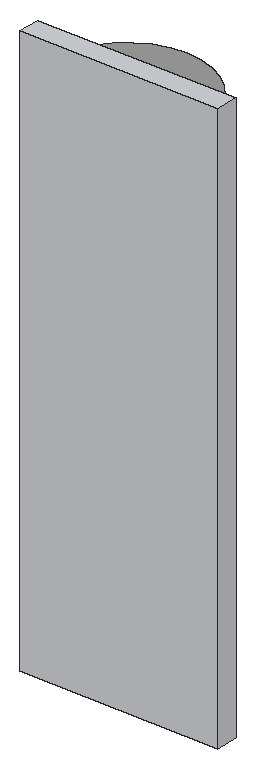
Revit family "7612", category Lighting Fixtures, Revit 2016
Family settings
  Part Type = Normal
  Round Connector Dimension = Use Diameter
  OmniClass Number = 23.80.70.00
  OmniClass Title = Lighting
  Work Plane-Based = No
  Always vertical = Yes
  Cut with Voids When Loaded = No
  Light Source = Yes
  Shared = No
  Room Calculation Point = No
Parameters
  Wattage = 12.1178 W
  built-in parameter 1150110 = 1 (stored number, unit not read)
  built-in parameter 1114217 = 1 (stored number, unit not read)
  built-in parameter 1150109 = 1 (stored number, unit not read)
  built-in parameter 1150134 = (empty or 0)
  built-in parameter 1150113 = 1 (stored number, unit not read)
  Lumens = 1800 lm
  built-in parameter 1150115 = 1 (stored number, unit not read)
  built-in parameter 1150105 = 143.24 (stored number, unit not read)
  Light Source Symbol Size = 2' - 0"
  built-in parameter 1150137 = (empty or 0)
  built-in parameter 1150139 = (empty or 0)
  built-in parameter 1150112 = 1 (stored number, unit not read)
  built-in parameter 1150114 = 1 (stored number, unit not read)
  built-in parameter 1150132 = 2
  built-in parameter 1150102 = (empty or 0)
  built-in parameter 1150138 = (empty or 0)
  built-in parameter 1150107 = 3000 (stored number, unit not read)
  built-in parameter 1150106 = 1.4324 (stored number, unit not read)
  built-in parameter 1150104 = 13.8 (stored number, unit not read)
  Dimming Lamp Color Temperature Shift = (empty or 0)
  Color Filter = 16777215
  built-in parameter 1114218 = 1 (stored number, unit not read)
  built-in parameter 1150133 = 10 (stored number, unit not read)
Reference planes (in)
  plane 1 "Light Source Axis (F/B)": y = 0
  plane 2: z = 0
  plane 3 "Light Source Axis (L/R)": x = 0
  plane 4 "Light Source Elevation": z = 54
  plane 5: z = 1
  plane 6: z = 6
Forms (in)
  Extrusion 1, solid
    sketch origin (0, 0, 0) x (1, 0, 0) y (0, 1, 0)
      loop
        line (-4.5, 0.01522) -> (4.5, 0.01522) -> (4.5, 1.01522) -> (-4.5, 1.01522) -> (-4.5, 0.01522)
    from 0 to 26
  Extrusion 2, solid, material "Default"
    sketch origin (-4.5, -180, 1) x (-1, 0, 0) y (0, -1, 0)
      loop
        arc (-8, -181.01522) -> (-4.5, -183.86267) -> (-1, -181.01522) r 3.57477
        line (-1, -181.01522) -> (-8, -181.01522)
    from 0 to 24
  Extrusion 3, solid
    sketch origin (0, 0.01522, 6) x (-1, 0, 0) y (0, 1, 0)
      loop
        line (3.5, 1) -> (3.6, 1)
        arc (3.6, 1) -> (0, 3.91435) -> (-3.6, 1) r 3.68065
        line (-3.6, 1) -> (-3.5, 1)
        arc (-3.5, 1) -> (0, 3.84744) -> (3.5, 1) r 3.57477
    from 0 to 1.5
  Extrusion 4, solid
    sketch origin (0, 0.01522, 20) x (0, -1, 0) y (1, 0, 0)
      loop
        arc (-1, -3.5) -> (-3.84744, 0) -> (-1, 3.5) r 3.57477
        line (-1, 3.5) -> (-1, 3.6)
        arc (-1, 3.6) -> (-3.91435, 0) -> (-1, -3.6) r 3.68065
        line (-1, -3.6) -> (-1, -3.5)
    from 0 to 1.5
  Extrusion 5, solid
    sketch origin (0, 0.01522, 22.75) x (0, -1, 0) y (1, 0, 0)
      loop
        arc (-1, -3.5) -> (-3.84744, 0) -> (-1, 3.5) r 3.57477
        line (-1, 3.5) -> (-1, 3.6)
        arc (-1, 3.6) -> (-3.91435, 0) -> (-1, -3.6) r 3.68065
        line (-1, -3.6) -> (-1, -3.5)
    from 0 to 1.5
  Extrusion 6, solid
    sketch origin (0, 0.01522, 3.25) x (-1, 0, 0) y (0, 1, 0)
      loop
        line (3.5, 1) -> (3.6, 1)
        arc (3.6, 1) -> (0, 3.91435) -> (-3.6, 1) r 3.68065
        line (-3.6, 1) -> (-3.5, 1)
        arc (-3.5, 1) -> (0, 3.84744) -> (3.5, 1) r 3.57477
    from 0 to 1.5
Dimensions and locks (in)
  aligned and locked: plane 3 "Light Source Axis (L/R)" to imposter light
  aligned and locked: plane 1 "Light Source Axis (F/B)" to imposter light
  aligned and locked: plane 4 "Light Source Elevation" to imposter light
  aligned and locked: level to plane 2
